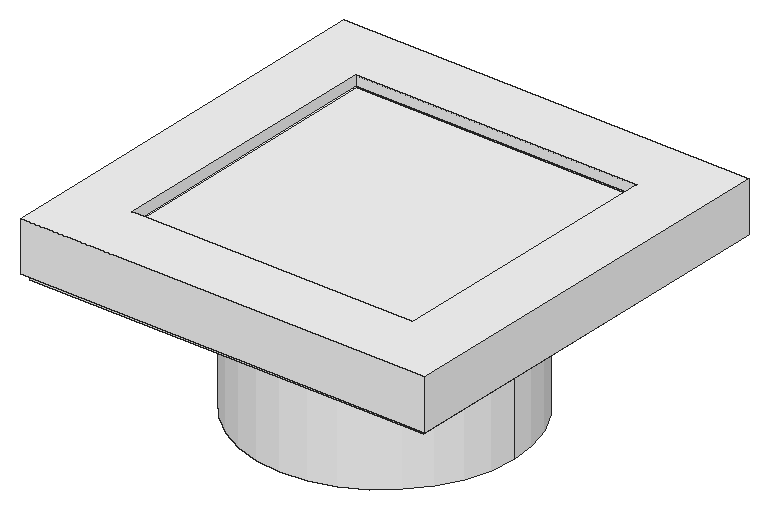
Revit family "Gira_0127600", category Electrical Fixtures, host Face, Revit 2017
Family settings
  Host = Face
  Maintain Annotation Orientation = Yes
  Round Connector Dimension = Use Diameter
  Part Type = Normal
  Cut with Voids When Loaded = No
  Shared = No
  Room Calculation Point = No
Parameters (values of type "PB sw. interm.sw. System 55 stainl.steel")
  With mounting plate = "No"
  Wiring system = "Intermediate switch"
  White [instance] = White
  Washing machine switch = "No"
  URL = "http://katalog.gira.de/en/datenblatt.html?artikelnr=0127600"
  Type of fastening = "Mounting with claw and screw"
  Surface protection = "Other"
  Surface finishing = "Glossy"
  Suitable for degree of protection (IP) = "IP20"
  Rated current = "10"
  Push button switch = "Yes"
  Number of rockers = "1"
  Number of modules (module system) = "1"
  Nominal voltage = "250"
  Name = "PB sw. interm.sw. System 55 stainl.steel"
  Mounting method = "Flush mounted (plaster)"
  Model = "Sys55_Komplettgerät_Schalten und Tasten"
  Method of operation = "Rocker/button"
  Material quality = "Stainless steel"
  Material = "Metal"
  Manufacturer URL = "https://www.gira.de/"
  Manufacturer = "Gira"
  Label space/information surface = "No"
  Illumination = "No"
  HeinzeBIM = "https://bimportal.heinze.de/bim/pb-sw-interm-sw-system-55-stainl-steel/fc6c33f031e968c6ba9b482d3cf55e57dba879b9"
  Halogen free = "No"
  HAN = "0127600"
  GTIN = "4010337021759"
  Feedback-signal contact = "No"
  Description = "PB sw.interm.sw. Sys55 SST,Pushbutton switch 10 AX 250 V~ with rocker,Intermediate switch,Stainless steel,"
  Default Elevation = 1219.2 mm
  Data sheet (1) = "https://katalog.gira.de/en/download.html?artikelnr=0127600"
  Connection type = "Plug clamp"
  Colour = "Stainless steel"
  Category = "Switch"
  BIM (1) = "https://media.stage.bim.site/public/gira/36a6b08/Sys55_Komplettgerät_Schalten und Tasten.rfa?public/gira/36a6b08/Sys55_Komplettgerät_Schalten und Tasten.rfa"
  Available = "No"
  Assembly arrangement = "Basic element with central cover plate"
Reference planes
  plane 1 "Center (Front/Back)": y = 0
  plane 2: z = 0
  plane 3 "Center (Left/Right)": x = 0
Forms (mm)
  Extrusion 1, solid, material "White" <- "White", detail levels medium
    sketch origin (0, 0, 0) x (1, 0, 0) y (0, 1, 0)
      loop
        line (-40.4, 40.4) -> (-40.4, -40.4) -> (40.4, -40.4) -> (40.4, 40.4) -> (-40.4, 40.4)
      loop
        line (-28, 28) -> (-28, -28) -> (28, -28) -> (28, 28) -> (-28, 28)
    from 0 to 10
  Extrusion 2, solid, material "White" <- "White", detail levels fine
    sketch origin (0, 0, 0) x (1, 0, 0) y (0, 1, 0)
      loop
        line (-40.4, 40.4) -> (-40.4, -40.4) -> (40.4, -40.4) -> (40.4, 40.4) -> (-40.4, 40.4)
      loop
        line (-28, 28) -> (-28, -28) -> (28, -28) -> (28, 28) -> (-28, 28)
    from 0 to 10
  Extrusion 3, void
    sketch origin (0, 0, 0) x (1, 0, 0) y (0, 1, 0)
      loop
        line (-38.4, 38.4) -> (-38.4, -38.4) -> (38.4, -38.4) -> (38.4, 38.4) -> (-38.4, 38.4)
    from 0 to 8
  Extrusion 4, solid, material "White" <- "White", detail levels medium+fine
    sketch origin (0, 0, 0) x (1, 0, 0) y (0, 1, 0)
      loop
        line (-39.4, 39.4) -> (-39.4, -39.4) -> (39.4, -39.4) -> (39.4, 39.4) -> (-39.4, 39.4)
    from 0 to -1
  Extrusion 5, solid, material "White" <- "White", detail levels medium+fine
    sketch origin (0, 0, 0) x (1, 0, 0) y (0, 1, 0)
      loop
        line (-35.5, 35.5) -> (-35.5, -35.5) -> (35.5, -35.5) -> (35.5, 35.5) -> (-35.5, 35.5)
    from -2 to -3
  Extrusion 6, solid, material "White" <- "White", detail levels medium+fine
    sketch origin (0, 0, 0) x (1, 0, 0) y (0, 1, 0)
      loop
        circle (0, 0) r 26
    from 0 to -27.5
  Extrusion 7, solid, material "White" <- "White", detail levels coarse
    sketch origin (0, 0, 0) x (1, 0, 0) y (0, 1, 0)
      loop
        line (-40.4, 40.4) -> (-40.4, -40.4) -> (40.4, -40.4) -> (40.4, 40.4) -> (-40.4, 40.4)
    from -27.5 to 10
Cuts and joins
  Extrusion 3 cuts Extrusion 2
Dimensions and locks
  aligned and locked: plane 2 to host face
  aligned and locked: level to host face
  aligned and locked: plane 3 "Center (Left/Right)" to nested 2
  aligned and locked: plane 1 "Center (Front/Back)" to nested 2
Nested families
  nested 1: "Sys55_Abdeckung_Schalten und Tasten_floor_base" at (0, 0, 0), type "Sys55_Abdeckung_Schalten und Tasten_floor_base"
  nested 2: "Schalter" at (0, 0, 0), type "Schalter"
Connectors
  electrical at (0, 0, -27.5)
    settings: on Extrusion 6, index 1, voltage 220 V, apparent load 0 VA, apparent load phase1 0 VA, apparent load phase2 0 VA, apparent load phase3 0 VA, power factor 1, load classification "Other", number of poles 1, system type 30, power factor state 1, is connector primary yes, connector utility no, sub classification motor no, connector description ""
Definition of nested family "Sys55_Abdeckung_Schalten und Tasten_floor_base"
  Parameters
    Default Elevation = 1219.2 mm
    White [instance] = none
  Reference planes
    plane 1 "Center (Front/Back)": y = 0
    plane 2: z = 0
    plane 3 "Center (Left/Right)": x = 0
  Forms (mm)
    Extrusion 1, solid
      sketch origin (0, 0, 0) x (1, 0, 0) y (0, 1, 0)
        loop
          line (-1219.2, 1219.2) -> (-1219.2, -1219.2) -> (1219.2, -1219.2) -> (1219.2, 1219.2) -> (-1219.2, 1219.2)
      from 0 to -304.8
    Extrusion 2, solid, material <- "White", detail levels fine
      sketch origin (0, 0, 0) x (1, 0, 0) y (0, 1, 0)
        loop
          line (-27.5, 27.5) -> (-27.5, -27.5) -> (27.5, -27.5) -> (27.5, 27.5) -> (-27.5, 27.5)
      from 0 to 8
    Extrusion 3, void
      sketch origin (0, 0, 0) x (1, 0, 0) y (0, 1, 0)
        loop
          line (26, 26) -> (-26, 26) -> (-26, -26) -> (26, -26) -> (26, 26)
      from 0 to 6
    Extrusion 4, solid, material <- "White", detail levels medium
      sketch origin (0, 0, 0) x (1, 0, 0) y (0, 1, 0)
        loop
          line (-27.5, 27.5) -> (-27.5, -27.5) -> (27.5, -27.5) -> (27.5, 27.5) -> (-27.5, 27.5)
      from 0 to 8
    Extrusion 5, solid, material <- "White", detail levels medium
      sketch origin (0, 0, 0) x (1, 0, 0) y (0, 1, 0)
        loop
          line (11, -17.5) -> (11, 17.5) -> (-11, 17.5) -> (-11, -17.5) -> (11, -17.5)
      from -6 to 6
    Extrusion 6, solid, material <- "White", detail levels fine
      sketch origin (0, 0, 0) x (1, 0, 0) y (0, 1, 0)
        loop
          line (11, 17.5) -> (-11, 17.5) -> (-11, 16.5) -> (11, 16.5) -> (11, 17.5)
        loop
          line (-11, -16.5) -> (-11, -17.5) -> (11, -17.5) -> (11, -16.5) -> (-11, -16.5)
      from -4 to 6
    Extrusion 7, solid, material <- "White", detail levels fine
      sketch origin (0, 0, 0) x (1, 0, 0) y (0, 1, 0)
        loop
          arc (5, 9.347) -> (0, 10.6) -> (-5, 9.347) r 10.6
          line (-5, 9.347) -> (-5, -9.347)
          arc (-5, -9.347) -> (0, -10.6) -> (5, -9.347) r 10.6
          line (5, -9.347) -> (5, 9.347)
      from -6 to 6
    Extrusion 8, solid, material <- "White", detail levels coarse
      sketch origin (0, 0, 0) x (1, 0, 0) y (0, 1, 0)
        loop
          line (-27.5, 27.5) -> (-27.5, -27.5) -> (27.5, -27.5) -> (27.5, 27.5) -> (-27.5, 27.5)
      from -6 to 8
  Cuts and joins
    Extrusion 3 cuts Extrusion 2
  Dimensions and locks
    aligned and locked: plane 2 to Extrusion 1
    aligned and locked: level to Extrusion 1
Definition of nested family "Schalter"
  Reference planes
    plane 1: y = 0
    plane 2: x = 0
  Lines and regions (mm)
    detail lines
      curve 1: circle (1.375, 2.778, 0) r 0.8 normal (0, 0, 1)
      curve 2: line (1.021, 2.061, 0) -> (0, 0, 0)
      curve 3: line (0, 0, 0) -> (-0.538, 0.266, 0)
  Dimensions and locks
    curve 2 to curve 2 = 2.3 mm
    curve 3 to curve 2 = 0.6 mm
    radius of curve 1 = 0.8 mm
